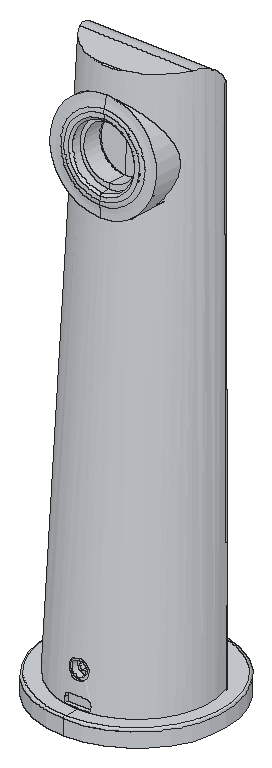
Revit family "Faucet-Wall_Mount-Bath_Spout-KOHLER-Avid-K-97021", category Plumbing Fixtures, host Face, Revit 2017
Family settings
  Host = Face
  Round Connector Dimension = Use Diameter
  Part Type = Normal
  OmniClass Number = 23.31.11.00
  OmniClass Title = Faucets
  Cut with Voids When Loaded = No
  Shared = No
  Room Calculation Point = No
Parameters (values of type "CP-Polished Chrome")
  Width = 2 163/256"  # constant formula
  WaterSense Certified = 1 = 0  # no
  Waste Water Outlet = "Waste Water Outlet"  # constant formula
  Waste Connection = 1 = 0  # no
  Vent Connection = 1 = 0  # no
  URL = "https://www.us.kohler.com/us/"
  Type = 1
  Tempered Water Inlet = "Tempered Water Inlet"  # constant formula
  Spout Reach = 7.20472"  # constant formula
  Product Page URL = "http://www.us.kohler.com/us/catalog/productDetails.jsp?productId=97021"
  Product Name = "Avid"  # constant formula
  Product Documentation Link = "https://www.us.kohler.com/webassets/kpna/catalog/pdf/en/K-97021_spec_US-CA_Kohler_en.pdf"
  Pressure = 0.00 psi
  Model = if(Type = 1, "K-97021-CP", if(Type = 2, "K-97021-BN", if(Type = 3, "K-97021-BL", "NA")))  # "K-97021-CP"
  Material = "Premium Metal Construction"  # constant formula
  Master Format 2014 Name = "Residential Faucets, Supplies, and Trim"  # constant formula
  Master Format 2014 = "22 41 39"  # constant formula
  Manufacturer Address = "KOHLER Co. 444 Highland Dr. Kohler, WI 53044"  # constant formula
  Manufacturer = "KOHLER Co."  # constant formula
  Length = Spout Reach  # 7.20472"
  Hot Water Inlet = "Hot Water Inlet"  # constant formula
  Height = 2 163/256"  # constant formula
  HW Connection = 1 = 1  # yes
  Flow Rate = 0 GPM
  Finish = Kohler-Metal-CP-Polished_Chrome
  Environmental Product Declaration = ""
  Drain Included = 1 = 0  # no
  Description = "Wall-mount bath spout"  # constant formula
  Default Elevation = 36"
  Declare Label = ""
  Date Modified = "08/12/2021"  # constant formula
  Date Created = "08/12/2021"  # constant formula
  Copyright = "Copyright KOHLER Co."  # constant formula
  Contact Us = "https://www.us.kohler.com/us/static/contact.jsp"
  Cold Water Inlet = "Cold Water Inlet"  # constant formula
  CW Connection = 1 = 0  # no
  Assembly Code = "D2010"
  ADA Compliant = 1 = 0  # no
Types (4): name | Type | Model | Finish
  (no name) | 1 | "K-97021-CP" | Kohler-Metal-CP-Polished_Chrome
  CP-Polished Chrome | 1 | "K-97021-CP" | Kohler-Metal-CP-Polished_Chrome
  BN- Vibrant Brushed Nickel | 2 | "K-97021-BN" | Kohler-Metal-BN-Vibrant_Brushed_Nickel
  BL- Matte Black | 3 | "K-97021-BL" | Kohler-Metal-BL-Matte_Black
Reference planes (in)
  plane 1 "Center (Front/Back)": y = 0
  plane 2: z = 0
  plane 3 "Center (Left/Right)": x = 0
  plane 4: y = -0.50977
  plane 5: y = 0.50224
  plane 6: z = 7.20472
  plane 7: z = 8.36142
  plane 8: x = 0.91113
  plane 9: x = -0.91113
  plane 10: x = -1.3189
  plane 11: x = 1.31782
  plane 12: y = 1.3189
  plane 13: y = -1.31782
  plane 14: y = -1.07167
  plane 15: z = 0.25
Dimensions and locks (in)
  locked: plane 5 to plane 4 at 1.01201
  "Spout Reach": plane 6 to level
  locked: level to plane 7 at 8.36142
  locked: plane 8 to plane 9 at 1.82226
  plane 5 to plane 14 = 1.57391"
  "Width": plane 10 to plane 11
  "Height": plane 13 to plane 12
  aligned and locked: plane 2 to host face
  aligned and locked: level to host face
Automatic sketch dimensions
  host sketch curve to host sketch curve = 96"  (x2)
Nested families (in)
  nested 1: "K-97021" at (0, 0, 0), type "K-97021"
Connectors (in)
  piping at (0, 0, 0), diameter 0.5, driven by "HW Connection", driven by "Tempered Water Inlet", driven by "Flow Rate"
    settings: on nested 1, index 1, connector inside diameter 24", connector length 0", flow factor 0, pipe flow 0 GPM, pressure drop 0.00 psi, fitting loss kfactor 0, connector angle 0.00°, fixture units 0, engagement length 0", angle of deflection 0.00°, flow configuration 0, flow direction 1, fitting loss method 0, system type 19, joint type 0, gender type 0, connector reference index -1, connector utility 1, adjustable connector no, is connector primary yes, connector description "Tempered Water Inlet"
Definition of nested family "K-97021"
  Parameters (values of type "K-97021")
    Material = none
  Reference planes (in)
    plane 1 "Center (Front/Back)": y = 0
    plane 2: z = 0
    plane 3 "Center (Left/Right)": x = 0
    plane 4: y = 0.50765
    plane 5: y = -0.50976
    plane 6: z = 8.36142
    plane 7: y = -1.06948
    plane 8: x = -1.14168
    plane 9: x = 1.14168
    plane 10: x = -0.92017
    plane 11: x = 0.92017
    plane 12: z = 7.22375
    plane 13: through (0, -0.61155, 7.22375) normal (0, 0.0698, 0.9976)
    plane 14: y = -1.3189
    plane 15: y = 1.3189
    plane 16: x = 1.3189
    plane 17: x = -1.3189
    plane 18: z = 0.25
  Forms (in)
    Revolve 1, solid, material <- "Material", detail levels medium+fine
      sketch origin (0, 0, 0) x (0, 1, 0) y (0, 0, 1)
        loop
          line (0, 0) -> (1.3189, 0) -> (1.3189, 0.21841)
          arc (1.3189, 0.21841) -> (1.30964, 0.24075) -> (1.28731, 0.25) r 0.03159
          line (1.28731, 0.25) -> (0, 0.25) -> (0, 0)
        axis (0, 0.25) -> (0, 0)
      angle from 0 to 360
    SweptBlend 2, solid, material <- "Material", detail levels medium+fine
      path origin (0, 0, 0) x (0, 1, 0) y (0, 0, 1)
        loop
          line (-1.08707, 0.09507) -> (-0.49662, 8.53902)
      profile origin (0, -1.08707, 0.09507) x (0, -0.997564, 0.069756) y (1, 0, 0)
        loop
          arc (-1.44265, -1.02836) -> (0, -0.00123) -> (-1.44265, 1.02589) r 1.08697
          arc (-1.44265, 1.02589) -> (-1.458, 1.01439) -> (-1.46384, 0.99613) r 0.0315
          line (-1.46384, 0.99613) -> (-1.46384, -0.99859)
          arc (-1.46384, -0.99859) -> (-1.458, -1.01686) -> (-1.44265, -1.02836) r 0.0315
      end profile origin (0, -0.49662, 8.53902) x (0, -0.997564, 0.069756) y (1, 0, 0)
        loop
          arc (-1.00991, -0.88209) -> (-1.00153, -0.90349) -> (-0.98084, -0.9135) r 0.0315
          arc (-0.98084, -0.9135) -> (0.00004, -0.00547) -> (-0.98084, 0.90255) r 0.91073
          arc (-0.98084, 0.90255) -> (-1.00153, 0.89254) -> (-1.00991, 0.87115) r 0.0315
          line (-1.00991, 0.87115) -> (-1.00991, -0.88209)
    Extrusion 3, void
      sketch origin (0, 0, 0) x (0, 1, 0) y (0, 0, 1)
        loop
          line (-0.48432, 8.36142) -> (0.02008, 8.36142)
          arc (0.02008, 8.36142) -> (0.37409, 8.21479) -> (0.52073, 7.86078) r 0.50065
          line (0.52073, 7.86078) -> (0.52073, 7.20841) -> (1.18103, 7.20841) -> (1.18103, 8.83089) -> (-0.85044, 8.83089) -> (-0.85044, 8.0868) -> (-0.53886, 8.0868) -> (-0.52213, 8.32617)
          arc (-0.52213, 8.32617) -> (-0.51017, 8.35124) -> (-0.48432, 8.36142) r 0.0379
      from -1.32189 to 1.40655
    Revolve 4, solid, material <- "Material", detail levels medium+fine
      sketch origin (0, 0, 0) x (0, 1, 0) y (0, 0, 1)
        loop
          line (-0.59177, 7.70634) -> (-0.56332, 7.67474) -> (-0.43422, 7.66571) -> (-0.43898, 7.59764) -> (-0.15236, 7.57759)
          arc (-0.15236, 7.57759) -> (-0.12319, 7.58735) -> (-0.10947, 7.61488) r 0.04018
          line (-0.10947, 7.61488) -> (-0.08509, 7.96344) -> (-0.54143, 7.99535)
          arc (-0.54143, 7.99535) -> (-0.55067, 7.91272) -> (-0.57196, 7.83234) r 0.56355
          arc (-0.57196, 7.83234) -> (-0.58229, 7.80235) -> (-0.58725, 7.77103) r 0.18195
          line (-0.58725, 7.77103) -> (-0.59177, 7.70634)
        axis (-0.13913, 7.19071) -> (-0.62545, 7.22472)
      angle from 0 to 360
    Revolve 5, void
      sketch origin (0, 0, 0) x (0, 1, 0) y (0, 0, 1)
        loop
          line (-0.93747, 0.74396) -> (-1.11217, 0.74396) -> (-1.11217, 0.59896) -> (-1.02466, 0.59896) -> (-1.02466, 0.63356) -> (-0.93747, 0.63356) -> (-0.93747, 0.74396)
        axis (-0.93747, 0.74396) -> (-1.11217, 0.74396)
      angle from 0 to 360
    Extrusion 6, void
      sketch origin (0, 0, 0) x (1, 0, 0) y (0, 0, 1)
        loop
          line (0.03608, 0.80646) -> (-0.03608, 0.80646) -> (-0.07217, 0.74396) -> (-0.03608, 0.68146) -> (0.03608, 0.68146) -> (0.07217, 0.74396) -> (0.03608, 0.80646)
      from 0.84429 to 1.37569
    Extrusion 7, void
      sketch origin (0, 0, 0) x (1, 0, 0) y (0, 0, 1)
        loop
          arc (-0.10954, 0.41496) -> (-0.16643, 0.39139) -> (-0.19, 0.3345) r 0.08046
          line (-0.19, 0.3345) -> (-0.19, 0.25406) -> (0.19, 0.25406) -> (0.19, 0.3345)
          arc (0.19, 0.3345) -> (0.16643, 0.39139) -> (0.10954, 0.41496) r 0.08046
          line (0.10954, 0.41496) -> (-0.10954, 0.41496)
      from 1.01028 to 1.3903
    Extrusion 8, solid, material <- "Material", detail levels coarse
      sketch origin (0, 0, 0) x (1, 0, 0) y (0, 1, 0)
        loop
          circle (0, 0) r 1.3189
      from 0 to 0.25
    Extrusion 9, solid, material <- "Material", detail levels coarse
      sketch origin (0, 0, 0) x (1, 0, 0) y (0, 1, 0)
        loop
          line (0.95297, 0.50765) -> (-0.95829, 0.50765)
          arc (-0.95829, 0.50765) -> (-0.00266, -1.08334) -> (0.95297, 0.50765) r 1.0825
      from 0.13508 to 8.36142
    Revolve 10, solid, material <- "Material", detail levels coarse
      sketch origin (0, 0, 0) x (0, 1, 0) y (0, 0, 1)
        loop
          line (-0.75136, 7.23352) -> (-0.7043, 7.91996) -> (-1.09162, 7.94704) -> (-1.13961, 7.26067) -> (-0.75136, 7.23352)
        axis (-0.75136, 7.23352) -> (-1.13961, 7.26067)
      angle from 0 to 360
    Extrusion 11, solid, material <- "Material", detail levels medium+fine
      sketch origin (0, 0, 0) x (1, 0, 0) y (0, 1, 0)
        loop
          circle (0, 0) r 0.06787
      from 0 to 0.03256
    Extrusion 12, void
      sketch origin (0, 0, 0) x (0, 1, 0) y (0, 0, 1)
        loop
          line (1.55025, 0.13508) -> (-1.44975, 0.13508) -> (-1.44975, -0.1747) -> (1.55025, -0.1747) -> (1.55025, 0.13508)
      from -1.49549 to 1.56511
    Revolve 13, void
      sketch origin (0, -0.03125, 0) x (0, 1, 0) y (0, 0, 1)
        loop
          line (-0.60323, 7.76593) -> (-0.641, 7.22581) -> (-0.13913, 7.19071) -> (-0.10425, 7.68951) -> (-0.56332, 7.72162) -> (-0.60323, 7.76593)
        axis (-0.13913, 7.19071) -> (-0.641, 7.22581)
      angle from 0 to 360
  Cuts and joins
    Revolve 13 cuts Revolve 1
    joined: Extrusion 8, Extrusion 9
    Extrusion 3, Revolve 5, Extrusion 6, Extrusion 7, Extrusion 12, Revolve 13 cuts SweptBlend 2
  Lines and regions (in)
    Masking region 1
      outline origin (0, 0, 0) x (0, 1, 0) y (0, 0, 1)
        loop
          line (-1.3189, 0) -> (1.3189, 0) -> (1.3189, 0.21063)
          arc (1.3189, 0.21063) -> (1.30737, 0.23847) -> (1.27953, 0.25) r 0.03937
          line (1.27953, 0.25) -> (0.37681, 0.25) -> (0.50136, 7.88565)
          arc (0.50136, 7.88565) -> (0.36699, 8.2216) -> (0.03328, 8.36142) r 0.46814
          line (0.03328, 8.36142) -> (-0.48897, 8.36142)
          arc (-0.48897, 8.36142) -> (-0.50363, 8.35567) -> (-0.51045, 8.34147) r 0.02153
          line (-0.51045, 8.34147) -> (-0.54536, 7.86746)
          arc (-0.54536, 7.86746) -> (-0.55057, 7.84981) -> (-0.55634, 7.83234) r 0.57721
          arc (-0.55634, 7.83234) -> (-0.57069, 7.78845) -> (-0.57382, 7.74239) r 0.18644
          line (-0.57382, 7.74239) -> (-0.64964, 6.65812)
          arc (-0.64964, 6.65812) -> (-0.64697, 6.63551) -> (-0.64157, 6.6134) r 0.18644
          arc (-0.64157, 6.6134) -> (-0.63756, 6.59075) -> (-0.63446, 6.56797) r 0.57721
          line (-0.63446, 6.56797) -> (-1.04628, 0.88749)
          arc (-1.04628, 0.88749) -> (-1.04567, 0.74597) -> (-1.06597, 0.60591) r 0.95529
          arc (-1.06597, 0.60591) -> (-1.06848, 0.59038) -> (-1.0692, 0.57466) r 0.13672
          line (-1.0692, 0.57466) -> (-1.08522, 0.35757)
          arc (-1.08522, 0.35757) -> (-1.0707, 0.33928) -> (-1.07161, 0.31595) r 0.03359
          arc (-1.07161, 0.31595) -> (-1.07248, 0.28298) -> (-1.07277, 0.25) r 1.88748
          line (-1.07277, 0.25) -> (-1.27953, 0.25)
          arc (-1.27953, 0.25) -> (-1.30737, 0.23847) -> (-1.3189, 0.21063) r 0.03937
          line (-1.3189, 0.21063) -> (-1.3189, 0)
    Masking region 2
      outline origin (0, 0, 0) x (1, 0, 0) y (0, 0, 1)
        loop
          line (1.3189, 0) -> (1.3189, 0.21063)
          arc (1.3189, 0.21063) -> (1.30737, 0.23847) -> (1.27953, 0.25) r 0.03937
          line (1.27953, 0.25) -> (1.08015, 0.25) -> (0.90978, 8.23213)
          arc (0.90978, 8.23213) -> (0.90187, 8.28437) -> (0.88089, 8.33287) r 0.20545
          arc (0.88089, 8.33287) -> (0.86235, 8.3522) -> (0.8372, 8.36142) r 0.0594
          line (0.8372, 8.36142) -> (-0.83527, 8.36142)
          arc (-0.83527, 8.36142) -> (-0.86444, 8.35537) -> (-0.88849, 8.33778) r 0.07038
          arc (-0.88849, 8.33778) -> (-0.90405, 8.31364) -> (-0.91158, 8.28593) r 0.09382
          arc (-0.91158, 8.28593) -> (-0.9163, 8.26011) -> (-0.91918, 8.23402) r 0.36882
          arc (-0.91918, 8.23402) -> (-0.92215, 8.15611) -> (-0.92231, 8.07815) r 2.15753
          line (-0.92231, 8.07815) -> (-1.08285, 0.25) -> (-1.27953, 0.25)
          arc (-1.27953, 0.25) -> (-1.30737, 0.23847) -> (-1.3189, 0.21063) r 0.03937
          line (-1.3189, 0.21063) -> (-1.3189, 0) -> (1.3189, 0)
    Masking region 3
      outline origin (0, 0, 0) x (1, 0, 0) y (0, 1, 0)
        loop
          circle (0, 0) r 1.3189
    symbolic lines, detail levels medium+fine
      curve 1: line (0, 1.3189, 0.21063) -> (0, -1.3189, 0.21063)
      curve 2: line (0, 0.37669, 0.25) -> (0, -1.07167, 0.25)
      curve 3: line (0, -0.55634, 7.83234) -> (0, -0.64157, 6.6134)
      curve 4: line (0, -0.52799, 7.99349) -> (0, -0.53434, 8.01716)
      curve 5: line (0, -0.63311, 6.46044) -> (0, -0.6443, 6.42734)
      curve 6: line (0, -0.54536, 7.86746) -> (0, -0.63446, 6.56797)
      curve 7: line (0, -0.52799, 7.99349) -> (0, -0.63311, 6.46044)
      curve 8: line (0, 0.34638, 0.25) -> (0, 0.47943, 7.87235)
      curve 9: line (0, -0.50977, 8.34496) -> (0, 0.015, 8.34496)
      curve 10: arc (0, 0.015, 8.34496) -> (0, 0.3463, 8.20603) -> (0, 0.47943, 7.87235) r 0.4645
      curve 11: line (1.07878, 0, 0.25) -> (-1.08151, 0, 0.25)
      curve 12: line (1.3189, 0, 0.21063) -> (-1.3189, 0, 0.21063)
      curve 13: line (1.03278, 0, 0.25) -> (0.86709, 0, 8.17212)
      curve 14: arc (0.86709, 0, 8.17212) -> (0.8616, 0, 8.24035) -> (0.84807, 0, 8.30745) r 0.57695
      curve 15: arc (0.84807, 0, 8.30745) -> (0.80301, 0, 8.34996) -> (0.74214, 0, 8.36142) r 0.11009
      curve 16: line (-1.03278, 0, 0.25) -> (-0.86709, 0, 8.17212)
      curve 17: arc (-0.86709, 0, 8.17212) -> (-0.8616, 0, 8.24035) -> (-0.84807, 0, 8.30745) r 0.57695
      curve 18: arc (-0.84807, 0, 8.30745) -> (-0.80301, 0, 8.34996) -> (-0.74214, 0, 8.36142) r 0.11009
      curve 19: circle (0, 0, 0) r 1.27953 normal (0, 0, 1)
      curve 20: line (-0.88864, 0.5031, 0) -> (0.87817, 0.5031, 0)
      curve 21: arc (0.81291, 0, 0) -> (0.56336, -0.30998, 0) -> (0.20564, -0.48433, 0) r 0.91286
      curve 22: arc (-0.21641, -0.48433, 0) -> (-0.68552, -0.20469, 0) -> (-0.91107, 0.29268, 0) r 0.91295
      curve 23: arc (-0.21641, -0.48433, 0) -> (-0.00538, -0.50911, 0) -> (0.20564, -0.48433, 0) r 0.91092
      curve 24: arc (-0.88864, 0.5031, 0) -> (-0.91021, 0.49416, 0) -> (-0.91915, 0.47259, 0) r 0.03051
      curve 25: arc (-0.91915, 0.47259, 0) -> (-0.92097, 0.38237, 0) -> (-0.91107, 0.29268, 0) r 0.69407
      curve 26: arc (0.87817, 0.5031, 0) -> (0.89858, 0.49522, 0) -> (0.9084, 0.47568, 0) r 0.03038
      curve 27: arc (0.9084, 0.47568, 0) -> (0.89605, 0.23073, 0) -> (0.81291, 0, 0) r 0.83307
      curve 28: line (-0.91178, 0.49247, 0) -> (-1.02159, 0.36464, 0)
      curve 29: line (0.90208, 0.49146, 0) -> (1.01627, 0.36464, 0)
      curve 30: arc (1.01627, 0.36464, 0) -> (-0.00266, -1.08334, 0) -> (-1.02159, 0.36464, 0) r 1.0825
      curve 31: arc (-0.14709, -1.03331, 0) -> (-0.00089, -1.05215, 0) -> (0.1453, -1.03316, 0) r 0.57455
      curve 32: arc (0, -1.03156, 0) -> (0.07268, -1.02961, 0) -> (0.1453, -1.03316, 0) r 0.96184
      curve 33: arc (0, -1.03156, 0) -> (-0.07358, -1.02962, 0) -> (-0.14709, -1.03331, 0) r 0.96184
      curve 34: arc (0.94663, 0.44198, 0) -> (-0.00412, -0.54853, 0) -> (-0.95653, 0.44039, 0) r 0.95232
      curve 35: spline (-0.57635, -0.61599, 0) -> (-0.65552, -0.60868, 0) -> (-0.71583, -0.60053, 0) -> (-0.75556, -0.5918, 0) -> (-0.77355, -0.58272, 0) -> (-0.7693, -0.57356, 0) -> (-0.74292, -0.56459, 0) -> (-0.69517, -0.55605, 0) -> (-0.62743, -0.5482, 0) -> (-0.54165, -0.54126, 0) -> (-0.44028, -0.53543, 0) -> (-0.32626, -0.53088, 0) -> (-0.20285, -0.52774, 0)
      curve 36: spline (0, -0.55634, 0) -> (-0.15813, -0.55779, 0) -> (-0.30548, -0.56205, 0) -> (-0.43201, -0.56882, 0) -> (-0.52911, -0.57764, 0) -> (-0.59014, -0.58792, 0) -> (-0.61096, -0.59895, 0) -> (-0.59014, -0.60998, 0) -> (-0.52911, -0.62026, 0) -> (-0.43201, -0.62909, 0) -> (-0.30548, -0.63586, 0) -> (-0.15813, -0.64012, 0) -> (0, -0.64157, 0)
      curve 37: spline (0, -0.64157, 0) -> (0.15813, -0.64012, 0) -> (0.30548, -0.63586, 0) -> (0.43201, -0.62909, 0) -> (0.52911, -0.62026, 0) -> (0.59014, -0.60998, 0) -> (0.61096, -0.59895, 0) -> (0.59014, -0.58792, 0) -> (0.52911, -0.57764, 0) -> (0.43201, -0.56882, 0) -> (0.30548, -0.56205, 0) -> (0.15813, -0.55779, 0) -> (0, -0.55634, 0)
      curve 38: spline (0, -0.64365, 0) -> (-0.12524, -0.6425, 0) -> (-0.24194, -0.63913, 0) -> (-0.34216, -0.63377, 0) -> (-0.41905, -0.62678, 0) -> (-0.46739, -0.61864, 0) -> (-0.48388, -0.6099, 0) -> (-0.46739, -0.60116, 0) -> (-0.41905, -0.59302, 0) -> (-0.34216, -0.58603, 0) -> (-0.24194, -0.58067, 0) -> (-0.12524, -0.5773, 0) -> (0, -0.57615, 0)
      curve 39: spline (0, -0.57615, 0) -> (0.12524, -0.5773, 0) -> (0.24194, -0.58067, 0) -> (0.34216, -0.58603, 0) -> (0.41905, -0.59302, 0) -> (0.46739, -0.60116, 0) -> (0.48388, -0.6099, 0) -> (0.46739, -0.61864, 0) -> (0.41905, -0.62678, 0) -> (0.34216, -0.63377, 0) -> (0.24194, -0.63913, 0) -> (0.12524, -0.6425, 0) -> (0, -0.64365, 0)
      curve 40: spline (0.12802, -0.6098, 0) -> (0.15895, -0.60908, 0) -> (0.18905, -0.60821, 0) -> (0.21818, -0.60719, 0) -> (0.24619, -0.60603, 0) -> (0.27293, -0.60473, 0) -> (0.29827, -0.6033, 0) -> (0.32207, -0.60175, 0) -> (0.34421, -0.60008, 0) -> (0.36459, -0.5983, 0) -> (0.38309, -0.59643, 0) -> (0.39961, -0.59447, 0) -> (0.41408, -0.59244, 0)
      curve 41: spline (0, -0.62105, 0) -> (0.01102, -0.62091, 0) -> (0.02202, -0.62062, 0) -> (0.03299, -0.62018, 0) -> (0.04391, -0.6196, 0) -> (0.05477, -0.61887, 0) -> (0.06556, -0.618, 0) -> (0.07627, -0.61698, 0) -> (0.08687, -0.61582, 0) -> (0.09736, -0.61452, 0) -> (0.10773, -0.61309, 0) -> (0.11795, -0.61151, 0) -> (0.12802, -0.6098, 0)
      curve 42: spline (0, -0.62105, 0) -> (-0.01102, -0.62091, 0) -> (-0.02202, -0.62062, 0) -> (-0.03299, -0.62018, 0) -> (-0.04391, -0.6196, 0) -> (-0.05477, -0.61887, 0) -> (-0.06556, -0.618, 0) -> (-0.07627, -0.61698, 0) -> (-0.08687, -0.61582, 0) -> (-0.09736, -0.61452, 0) -> (-0.10773, -0.61309, 0) -> (-0.11795, -0.61151, 0) -> (-0.12802, -0.6098, 0)
      curve 43: spline (-0.12802, -0.6098, 0) -> (-0.15895, -0.60908, 0) -> (-0.18905, -0.60821, 0) -> (-0.21818, -0.60719, 0) -> (-0.24619, -0.60603, 0) -> (-0.27293, -0.60473, 0) -> (-0.29827, -0.6033, 0) -> (-0.32207, -0.60175, 0) -> (-0.34421, -0.60008, 0) -> (-0.36459, -0.5983, 0) -> (-0.38309, -0.59643, 0) -> (-0.39961, -0.59447, 0) -> (-0.41408, -0.59244, 0)
      curve 44: arc (-0.13721, -0.60961, 0) -> (-0.19549, -0.59865, 0) -> (-0.25213, -0.58109, 0) r 0.51616
      curve 45: arc (0.12802, -0.6098, 0) -> (0.18814, -0.59713, 0) -> (0.24739, -0.58089, 0) r 1.03036
      curve 46: line (-0.77462, -0.57989, 0) -> (-0.77462, -0.15698, 0)
      curve 47: line (0.77462, -0.57989, 0) -> (0.77462, -0.15698, 0)
      curve 48: line (-0.2709, 0.97876, 0) -> (0.24036, 0.97876, 0)
      curve 49: line (-0.2709, 0.91722, 0) -> (-0.2709, 0.97876, 0)
      curve 50: line (0.24036, 0.91722, 0) -> (-0.2709, 0.91722, 0)
      curve 51: line (0.24036, 0.97876, 0) -> (0.24036, 0.91722, 0)
      curve 52: spline (0.57635, -0.61599, 0) -> (0.65593, -0.60863, 0) -> (0.71642, -0.60043, 0) -> (0.75607, -0.59164, 0) -> (0.77371, -0.5825, 0) -> (0.76883, -0.57329, 0) -> (0.74158, -0.56427, 0) -> (0.69275, -0.55571, 0) -> (0.62376, -0.54785, 0) -> (0.53661, -0.54092, 0) -> (0.43385, -0.53512, 0) -> (0.31846, -0.53063, 0) -> (0.1938, -0.52757, 0)
  Dimensions and locks (in)
    locked: plane 4 to plane 5 at 1.01742
    locked: level to plane 6 at 8.36142
    locked: plane 4 to plane 7 at 1.57714
    locked: plane 8 to plane 9 at 2.28335
    locked: plane 10 to plane 11 at 1.84034
    locked: plane 12 to level at 7.22375
    aligned and locked: plane 2 to level
